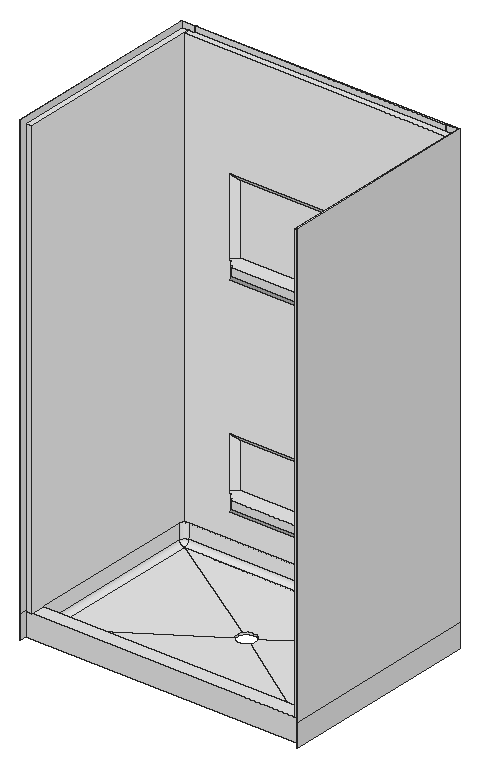
Revit family "4LBS4834.V2", category Plumbing Fixtures, Revit 2019
Family settings
  Round Connector Dimension = Use Diameter
  Part Type = Normal
  OmniClass Number = 23.45.05.14.17
  OmniClass Title = Showers
  Work Plane-Based = No
  Always vertical = Yes
  Cut with Voids When Loaded = No
  Shared = No
  Room Calculation Point = No
Parameters (values of type "4LBS4834")
  Unit Width = 48"
  Unit Height = 80 1/2"
  Unit Depth = 35"
  URL = "http://www.bestbath.com/"
  Type Comments = "Remodeler"
  Model = "4LBS4834"
  Material [instance] = Best Bath Gelcoat Fiberglass - 4 x 8 Subway Tile
  Manufacturer = "Best Bath Systems, Inc."
  Keynote = "22 40 00.B3"
  Description = "Subway Tile Finish"
  Assembly Code = "D2010710"
Reference planes (in)
  plane 1 "Back": y = -0.5
  plane 2: z = 0
  plane 3 "Left": x = 0
  plane 4: x = 48
  plane 5: y = -34.5
  plane 6: z = 79.5
  plane 7: z = 0.625
  plane 8: z = 80.5
  plane 9: x = 24
  plane 10: y = -1.75
  plane 11: y = -16.5
  plane 12: z = 0.25
  plane 13: z = 4
  plane 14: y = -35.5
  plane 15: z = 11.5
  plane 16: z = 47.5
Forms (in)
  Extrusion 1, solid, material "Best Bath Gelcoat Fiberglass - Smooth"
    sketch origin (0, 0, 0) x (1, 0, 0) y (0, 1, 0)
      loop
        line (0, -0.5) -> (0, -34.5) -> (48, -34.5) -> (48, -0.5) -> (0, -0.5)
      loop
        circle (24, -16.5) r 1.625
    from 0 to 0.625
  Extrusion 2, solid, material "Best Bath Gelcoat Fiberglass - Smooth"
    sketch origin (0, 0, 0) x (1, 0, 0) y (0, 1, 0)
      loop
        line (1.25, -0.5) -> (1.25, -1.75) -> (46.75, -1.75) -> (46.75, -0.5) -> (1.25, -0.5)
    from 4 to 79.5
  Extrusion 3, solid, material "Best Bath Gelcoat Fiberglass - Smooth"
    sketch origin (0, 0, 0) x (1, 0, 0) y (0, 1, 0)
      loop
        line (0, -34.5) -> (1.25, -34.5) -> (1.25, -2.75)
        arc (1.25, -2.75) -> (1.54289, -2.04289) -> (2.25, -1.75) r 1
        line (2.25, -1.75) -> (45.75, -1.75)
        arc (45.75, -1.75) -> (46.45711, -2.04289) -> (46.75, -2.75) r 1
        line (46.75, -2.75) -> (46.75, -34.5) -> (48, -34.5) -> (48, -0.5) -> (0, -0.5) -> (0, -34.5)
    from 0 to 4
  Extrusion 4, solid, material "Best Bath Gelcoat Fiberglass - Smooth"
    sketch origin (0, 0, 0) x (1, 0, 0) y (0, 1, 0)
      loop
        line (0, -34.5) -> (1.25, -34.5) -> (1.25, -0.5) -> (0, -0.5) -> (0, -34.5)
      loop
        line (46.75, -34.5) -> (48, -34.5) -> (48, -0.5) -> (46.75, -0.5) -> (46.75, -34.5)
    from 4 to 79.5
  Sweep 5, solid, material "Best Bath Gelcoat Fiberglass - Smooth"
    path origin (0, 0, 0) x (1, 0, 0) y (0, 1, 0)
      loop
        line (1.25, -34.5) -> (1.25, -2.75)
        arc (1.25, -2.75) -> (1.54289, -2.04289) -> (2.25, -1.75) r 1
        line (2.25, -1.75) -> (45.75, -1.75)
        arc (45.75, -1.75) -> (46.45711, -2.04289) -> (46.75, -2.75) r 1
        line (46.75, -2.75) -> (46.75, -34.5)
    profile origin (1.25, -18.625, 0) x (-1, 0, 0) y (0, 0, 1)
      loop
        line (0, 0.625) -> (0, 1.525)
        arc (0, 1.525) -> (-0.2636, 0.8886) -> (-0.9, 0.625) r 0.9
        line (-0.9, 0.625) -> (0, 0.625)
  Blend 6, void
    base sketch origin (0, 0, 0) x (1, 0, 0) y (0, 1, 0)
      loop
        line (2.25, -31.5) -> (45.75, -31.5) -> (45.75, -2.75) -> (2.25, -2.75) -> (2.25, -31.5)
    top sketch origin (0, 0, 0) x (1, 0, 0) y (0, 1, 0)
      loop
        circle (24, -16.5) r 0.05278
    from 0.625 to 0.25
  Sweep 7, solid, material "Best Bath Gelcoat Fiberglass - Smooth"
    path origin (0, 0, 0) x (1, 0, 0) y (0, 1, 0)
      loop
        line (1.25, -34.5) -> (46.75, -34.5)
    profile origin (24, -34.5, 0) x (0, 1, 0) y (0, 0, 1)
      loop
        line (0, 0) -> (3.11628, 0) -> (2.37209, 4) -> (0, 4) -> (0, 0)
  Extrusion 8, solid, material "Best Bath Gelcoat Fiberglass - Smooth"
    sketch origin (0, 0, 0) x (1, 0, 0) y (0, 1, 0)
      loop
        line (0, -34.5) -> (0, -35.5) -> (0.125, -35.5) -> (0.125, -34.5) -> (0, -34.5)
      loop
        line (48, -34.5) -> (47.875, -34.5) -> (47.875, -35.5) -> (48, -35.5) -> (48, -34.5)
    from 0 to 4
  Extrusion 9, solid, material "Best Bath Gelcoat Fiberglass - Smooth"
    sketch origin (0, 0, 0) x (1, 0, 0) y (0, 1, 0)
      loop
        line (2.25, -0.5) -> (2.25, -0.625) -> (45.75, -0.625) -> (45.75, -0.5) -> (2.25, -0.5)
    from 79.5 to 80.5
  Extrusion 10, solid, material "Best Bath Gelcoat Fiberglass - Smooth"
    sketch origin (0, 0, 0) x (1, 0, 0) y (0, 1, 0)
      loop
        line (0, -35.5) -> (0.125, -35.5) -> (0.125, -0.625) -> (2.25, -0.625) -> (2.25, -0.5) -> (0, -0.5) -> (0, -35.5)
      loop
        line (48, -35.5) -> (48, -0.5) -> (45.75, -0.5) -> (45.75, -0.625) -> (47.875, -0.625) -> (47.875, -35.5) -> (48, -35.5)
    from 4 to 80.5
  Blend 11, solid, material "Best Bath Gelcoat Fiberglass - Smooth"
    base sketch origin (-17.1875, -37.75, -32.5) x (1, 0, 0) y (0, 0, 1)
      loop
        line (56, 44) -> (26.375, 44) -> (26.375, 40.625) -> (56, 40.625) -> (56, 44)
    top sketch origin (-17.1875, -37.75, -32.5) x (1, 0, 0) y (0, 0, 1)
      loop
        line (28.375, 44) -> (28.375, 42.5625) -> (54, 42.5625) -> (54, 44) -> (28.375, 44)
    from -36 to -34
  Blend 12, solid, material "Best Bath Gelcoat Fiberglass - Smooth"
    base sketch origin (-17.1875, -37.75, 4.25) x (1, 0, 0) y (0, 0, 1)
      loop
        line (56, 43.25) -> (26.375, 43.25) -> (26.375, 39.875) -> (56, 39.875) -> (56, 43.25)
    top sketch origin (-17.1875, -37.75, 4.25) x (1, 0, 0) y (0, 0, 1)
      loop
        line (28.375, 43.25) -> (28.375, 41.8125) -> (54, 41.8125) -> (54, 43.25) -> (28.375, 43.25)
    from -36 to -34
  Blend 13, void
    base sketch origin (-32.64477, -38.25, -30.75) x (1, 0, 0) y (0, 0, 1)
      loop
        line (41.87365, 42.25) -> (71.45727, 42.25) -> (71.45727, 51) -> (41.87365, 51) -> (41.87365, 42.25)
    top sketch origin (-32.64477, -38.25, -30.75) x (1, 0, 0) y (0, 0, 1)
      loop
        line (42.87365, 42.25) -> (70.45727, 42.25) -> (70.45727, 50) -> (42.87365, 50) -> (42.87365, 42.25)
    from -36.5 to -37.5
  Blend 14, void
    base sketch origin (-32.64477, -38.25, 4.25) x (1, 0, 0) y (0, 0, 1)
      loop
        line (41.87365, 43.25) -> (71.45727, 43.25) -> (71.45727, 56.25) -> (41.87365, 56.25) -> (41.87365, 43.25)
    top sketch origin (-32.64477, -38.25, 4.25) x (1, 0, 0) y (0, 0, 1)
      loop
        line (42.87365, 43.25) -> (70.45727, 43.25) -> (70.45727, 55.25) -> (42.87365, 55.25) -> (42.87365, 43.25)
    from -36.5 to -37.5
Cuts and joins
  Blend 6 cuts Extrusion 1
  Blend 6 cuts Extrusion 3
  Blend 6 cuts Sweep 5
  joined: Extrusion 1, Extrusion 3, Sweep 5, Sweep 7, Extrusion 8
  Blend 13, Blend 14 cuts Extrusion 2
  Blend 13, Blend 14 cuts Extrusion 9
  joined: Extrusion 2, Extrusion 9, Blend 11, Blend 12
  joined: Extrusion 4, Extrusion 10
Dimensions and locks (in)
  "Unit Width": plane 3 "Left" to plane 4
  locked: plane 7 to level at 0.625
  locked: plane 8 to plane 6 at 1
  "Unit Height": plane 8 to level
  equal spacing: plane 3 "Left", plane 9, plane 4
  plane 1 "Back" to plane 11 = 16"
  plane 10 to plane 1 "Back" = 1 1/4"
  locked: plane 7 to plane 12 at 0.375
  locked: plane 13 to level at 4
  locked: plane 5 to plane 14 at 1
  "Unit Depth": plane 14 to plane 1 "Back"
  locked: plane 15 to level at 11.5
  locked: plane 16 to level at 47.5
  aligned and locked: level to plane 2
  aligned and locked: Extrusion 1 to plane 7
  aligned and locked: plane 5 to Extrusion 1 sketch curve
  aligned and locked: plane 4 to Extrusion 1 sketch curve
  aligned and locked: Extrusion 2 sketch curve to Extrusion 1
  aligned and locked: Extrusion 2 sketch curve to plane 10
  aligned and locked: plane 11 to Extrusion 1 sketch curve
  aligned and locked: plane 9 to Extrusion 1 sketch curve
  aligned and locked: plane 13 to Extrusion 3
  aligned and locked: Extrusion 2 to plane 13
  aligned and locked: plane 6 to Extrusion 2
  aligned and locked: Extrusion 4 to Extrusion 2
  aligned and locked: plane 6 to Extrusion 4
  aligned and locked: Sweep 5 sketch curve to plane 7
  aligned and locked: plane 11 to Blend 6 sketch curve
  aligned and locked: plane 9 to Blend 6 sketch curve
  aligned and locked: Extrusion 1 to Blend 6
  aligned and locked: Blend 6 to plane 12
  aligned and locked: Extrusion 8 to Extrusion 2
  aligned and locked: plane 8 to Extrusion 9
  aligned and locked: Extrusion 9 to plane 6
  aligned and locked: Extrusion 10 to plane 13
  aligned and locked: plane 8 to Extrusion 10
  aligned and locked: plane 15 to Blend 11  (x2)
  aligned and locked: plane 16 to Blend 12
  aligned and locked: cut or joined group of Extrusion 2, Extrusion 9, Blend 11, Blend 12, Blend 13, Blend 14 to plane 15
  aligned and locked: cut or joined group of Extrusion 2, Extrusion 9, Blend 11, Blend 12, Blend 13, Blend 14 to plane 16
Automatic sketch dimensions
  Extrusion 1 sketch curve to plane 3 "Left" = 0"
  plane 1 "Back" to Extrusion 1 sketch curve = 0"
  plane 1 "Back" to Extrusion 3 sketch curve = 0"
  Extrusion 3 sketch curve to plane 3 "Left" = 0"
  Extrusion 3 sketch curve to plane 5 = 0"  (x2)
  Extrusion 3 sketch curve to plane 10 = 0"
  Extrusion 3 sketch curve to plane 4 = 0"
  plane 4 to Extrusion 3 sketch curve = 1 1/4"
  Extrusion 3 sketch curve to plane 10 = 1"
  plane 3 "Left" to Extrusion 3 sketch curve = 1 1/4"
  Extrusion 3 sketch curve to Extrusion 3 sketch curve = 1"
  Sweep 5 sketch curve to plane 10 = 0"
  plane 3 "Left" to Sweep 5 sketch curve = 1 1/4"
  Sweep 5 sketch curve to plane 10 = 1"  (x2)
  Sweep 5 sketch curve to plane 5 = 0"  (x2)
  plane 4 to Sweep 5 sketch curve = 2 1/4"
  Sweep 5 sketch curve to profile plane = 0"
  profile plane to Sweep 5 sketch curve = 0.9"
  plane 4 to Extrusion 2 sketch curve = 1 1/4"
  plane 3 "Left" to Extrusion 2 sketch curve = 1 1/4"
  Sweep 7 sketch curve to plane 5 = 0"
  plane 3 "Left" to Sweep 7 sketch curve = 1 1/4"
  plane 4 to Sweep 7 sketch curve = 1 1/4"
  Blend 6 sketch curve to plane 10 = 1"
  plane 3 "Left" to Blend 6 sketch curve = 2 1/4"
  plane 5 to Blend 6 sketch curve = 3"
  plane 4 to Blend 6 sketch curve = 2 1/4"
  Extrusion 8 sketch curve to plane 3 "Left" = 0"
  Extrusion 8 sketch curve to plane 14 = 0"  (x2)
  Extrusion 8 sketch curve to plane 5 = 0"  (x2)
  Extrusion 8 sketch curve to plane 4 = 0"
  plane 3 "Left" to Extrusion 8 sketch curve = 1/8"
  plane 4 to Extrusion 8 sketch curve = 1/8"
  plane 1 "Back" to Extrusion 9 sketch curve = 0"
  plane 3 "Left" to Extrusion 9 sketch curve = 2 1/4"
  plane 4 to Extrusion 9 sketch curve = 2 1/4"
  plane 1 "Back" to Extrusion 9 sketch curve = 1/8"
  Extrusion 10 sketch curve to plane 3 "Left" = 0"
  Extrusion 10 sketch curve to plane 14 = 0"  (x2)
  plane 1 "Back" to Extrusion 10 sketch curve = 0"  (x2)
  Extrusion 10 sketch curve to plane 4 = 0"
  plane 3 "Left" to Extrusion 10 sketch curve = 1/8"
  plane 1 "Back" to Extrusion 10 sketch curve = 1/8"  (x2)
  Extrusion 10 sketch curve to Extrusion 10 sketch curve = 2 1/8"
  plane 4 to Extrusion 10 sketch curve = 2 1/4"
  plane 4 to Extrusion 10 sketch curve = 1/8"
  Blend 11 sketch curve to plane 15 = 0"  (x2)
  plane 3 "Left" to Blend 11 sketch curve = 9 3/16"
  Blend 11 sketch curve to plane 15 = 3 3/8"
  plane 4 to Blend 11 sketch curve = 9 3/16"
  Blend 11 sketch curve to plane 15 = 1 7/16"
  plane 3 "Left" to Blend 11 sketch curve = 11 3/16"
  plane 4 to Blend 11 sketch curve = 11 3/16"
  Blend 12 sketch curve to plane 16 = 0"  (x2)
  plane 3 "Left" to Blend 12 sketch curve = 9 3/16"
  Blend 12 sketch curve to plane 16 = 3 3/8"
  plane 4 to Blend 12 sketch curve = 9 3/16"
  Blend 12 sketch curve to plane 16 = 1 7/16"
  plane 3 "Left" to Blend 12 sketch curve = 11 3/16"
  plane 4 to Blend 12 sketch curve = 11 3/16"
  Blend 13 sketch curve to plane 15 = 0"  (x2)
  plane 3 "Left" to Blend 13 sketch curve = 9.22888"
  plane 4 to Blend 13 sketch curve = 9 3/16"
  Blend 13 sketch curve to Blend 13 sketch curve = 8 3/4"
  plane 3 "Left" to Blend 13 sketch curve = 10.22888"
  plane 4 to Blend 13 sketch curve = 10 3/16"
  Blend 13 sketch curve to Blend 13 sketch curve = 7 3/4"
  plane 3 "Left" to Blend 14 sketch curve = 9.22888"
  plane 4 to Blend 14 sketch curve = 9 3/16"
  plane 16 to Blend 14 sketch curve = 0"  (x2)
  Blend 14 sketch curve to Blend 14 sketch curve = 13"
  plane 3 "Left" to Blend 14 sketch curve = 10.22888"
  plane 4 to Blend 14 sketch curve = 10 3/16"
  Blend 14 sketch curve to Blend 14 sketch curve = 12"
  Sweep 7 sketch curve to profile plane = 0"
  Sweep 7 sketch curve to level = 0"
  Sweep 7 sketch curve to profile plane = 2.37209"
  Sweep 7 sketch curve to profile plane = 3.11628"
  level to Sweep 7 sketch curve = 4"
  Extrusion 4 sketch curve to plane 3 "Left" = 0"
  Extrusion 4 sketch curve to plane 5 = 0"  (x2)
  plane 1 "Back" to Extrusion 4 sketch curve = 0"  (x2)
  Extrusion 4 sketch curve to plane 4 = 0"
  plane 3 "Left" to Extrusion 4 sketch curve = 1 1/4"
  Extrusion 4 sketch curve to Extrusion 4 sketch curve = 1 1/4"
  radius of Extrusion 1 sketch curve = 1 5/8"
  radius of Blend 6 sketch curve = 0.05278"
